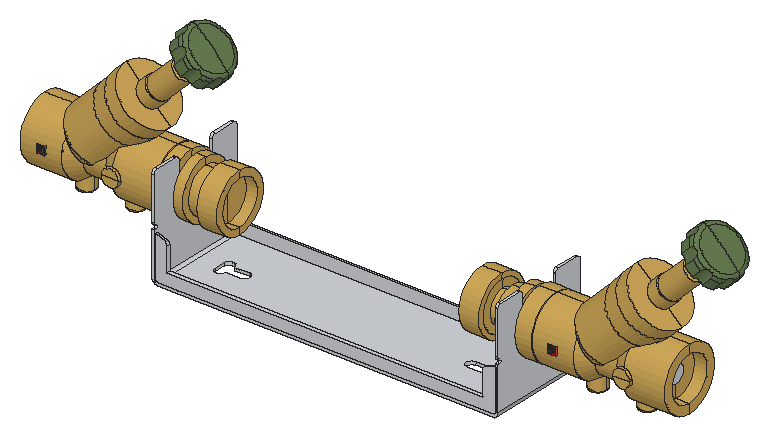
Revit family "HERZ Kit For Connection Of Water Meters 4126", category Rohrzubehör, Revit 2019
Family settings
  Bemaßung runder Anschluss = Durchmesser verwenden
  Teiletyp = Unterbricht
  OmniClass-Nummer = 23.65.55.14
  OmniClass-Titel = Valves for Liquid Services
  Arbeitsebenenbasiert = Nein
  Immer vertikal = Ja
  Beim Laden mit Abzugskörper schneiden = Nein
  Gemeinsam genutzt = Nein
Parameters
  Upper part = "DZR brass CC752S"  # constant formula
  Spring = "stainless steel 1.4310"  # constant formula
  Spindle seals = "double O-Ring"  # constant formula
  Sealing = "physiologically harmless material acc. to KTW"  # constant formula
  Operating pressure from the backflow preventer = "acc. to DIN EN 13959"  # constant formula
  W01 = 20.00°  # constant formula
  URL = "www.herzvalves.com"
  T03 [instance] = R02 - 3.000 mm  # 54.500 mm
  T02 = 17.000 mm  # constant formula
  T01 = 3.000 mm  # constant formula
  SW03 [instance] = size_lookup("4126W_", "SW3", 1.000 mm, Nennweite AG)  # 32.500 mm
  SW02 [instance] = size_lookup("4126W_", "SW2", 1.000 mm, Nennweite AG)  # 32.500 mm
  SW01 [instance] = size_lookup("4126W_", "SW1", 1.000 mm, Nennweite AG)  # 35.000 mm
  SC_NennweiteBerechnet = 0
  SC_Dimension = ""
  SCTWSEQ = "AW;SBT_TYP_AW=\"105\";2"
  SCTWCODE = "02;01;02"  # constant formula
  S05 [instance] = L02 + L12 - L03  # 214.500 mm
  S04 [instance] = L02 + L04 - L03  # 211.500 mm
  S03 = 10.000 mm  # constant formula
  S02 [instance] = Nennweite IG  # 50.000 mm
  S01 [instance] = L01 - L03  # 56.000 mm
  S = 3.000 mm  # constant formula
  R50 = 4.000 mm  # constant formula
  R02 [instance] = size_lookup("4126W_", "R2", 1.000 mm, Nennweite AG)  # 57.500 mm
  R01 [instance] = size_lookup("4126W_", "R1", 1.000 mm, Nennweite AG)  # 24.000 mm
  Part number [instance] = size_lookup("4126W_", "Artnr", 0, Nennweite AG)  # 2412666
  Note = "Pursuant to Article 33 of the REACH Regulation (EC No. 1907/2006), we are obliged to point out that the material lead is listed on the SVHC list and that all brass components manufactured in our products exceed 0.1% (w / w) lead (CAS: 7439-92-1 / EINECS: 231-100-4).\r\nSince lead is a component part of an alloy, actual exposure is not possible and therefore no additional information on safe use is necessary."
  Nennweite IG [instance] = size_lookup("4126W_", "DN1", 1.000 mm, Nennweite AG)  # 50.000 mm
  Nennweite AG [instance] = 50.000 mm
  Medium = "Water"  # constant formula
  Max. operating temperature = 80 °C  # constant formula
  Max. operating pressure = 1600000.0 Pa  # constant formula
  Max. differential pressure on closed seat = 1000000.0 Pa  # constant formula
  L99 [instance] = size_lookup("4126W_", "L99", 1.000 mm, Nennweite AG)  # 300.000 mm
  L15 = 2.000 mm  # constant formula
  L14 [instance] = size_lookup("4126W_", "L14", 1.000 mm, Nennweite AG)  # 64.000 mm
  L13 [instance] = size_lookup("4126W_", "L13", 1.000 mm, Nennweite AG)  # 54.500 mm
  L12 [instance] = size_lookup("4126W_", "L12", 1.000 mm, Nennweite AG)  # 39.500 mm
  L11 [instance] = size_lookup("4126W_", "L11", 1.000 mm, Nennweite AG)  # 70.000 mm
  L10 [instance] = size_lookup("4126W_", "L10", 1.000 mm, Nennweite AG)  # 15.000 mm
  L09 [instance] = size_lookup("4126W_", "L9", 1.000 mm, Nennweite AG)  # 25.500 mm
  L08 [instance] = size_lookup("4126W_", "L8", 1.000 mm, Nennweite AG)  # 13.400 mm
  L07 [instance] = size_lookup("4126W_", "L7", 1.000 mm, Nennweite AG)  # 22.000 mm
  L06 [instance] = size_lookup("4126W_", "L6", 1.000 mm, Nennweite AG)  # 25.000 mm
  L05 [instance] = size_lookup("4126W_", "L5", 1.000 mm, Nennweite AG)  # 35.500 mm
  L04 [instance] = size_lookup("4126W_", "L4", 1.000 mm, Nennweite AG)  # 36.500 mm
  L03 [instance] = size_lookup("4126W_", "L3", 1.000 mm, Nennweite AG)  # 21.000 mm
  L02 [instance] = (L00 / 2) + 1.000 mm  # 196.000 mm
  L01 [instance] = size_lookup("4126W_", "L1", 1.000 mm, Nennweite AG)  # 77.000 mm
  L00 [instance] = size_lookup("4126W_", "L", 1.000 mm, Nennweite AG)  # 390.000 mm
  Connections = "DZR brass CW262N"  # constant formula
  Hersteller = "HERZ Armaturen Ges.m.b.H."  # constant formula
  Hand wheel = "plastic, green"  # constant formula
  H01 [instance] = 75.000 mm  # constant formula
  H00 [instance] = 115.000 mm  # constant formula
  Occasional temperature rises = "up to 95°C, if they do not last longer than 1 h"  # constant formula
  G2 [instance] = Nennweite IG / 2  # 25.000 mm
  G1 [instance] = Nennweite AG / 2  # 25.000 mm
  DN50 [instance] = Nennweite AG = 50.000 mm  # yes
  DN40 [instance] = Nennweite AG = 40.000 mm  # no
  DN32 [instance] = Nennweite AG = 32.000 mm  # no
  DN25 [instance] = Nennweite AG = 25.000 mm  # no
  DN20 [instance] = Nennweite AG = 20.000 mm  # no
  D06 [instance] = size_lookup("4126W_", "D6", 1.000 mm, Nennweite AG)  # 21.500 mm
  D05 [instance] = size_lookup("4126W_", "D5", 1.000 mm, Nennweite AG)  # 27.000 mm
  D04 [instance] = size_lookup("4126W_", "D4", 1.000 mm, Nennweite AG)  # 18.200 mm
  D03 [instance] = size_lookup("4126W_", "D3", 1.000 mm, Nennweite AG)  # 25.000 mm
  D02 [instance] = size_lookup("4126W_", "D2", 1.000 mm, Nennweite AG)  # 25.000 mm
  D01 [instance] = size_lookup("4126W_", "D1", 1.000 mm, Nennweite AG)  # 22.500 mm
  Bracket = "galvanized sheet steel"  # constant formula
  Body = "DZR brass CC752S"  # constant formula
  Application = "The connection kit is used for mounting the water meter free of any tension or mechanical forces.\r\nThe HERZ – Kit for connection of water meters fulfills the requirements according to DIN 1988."
  ABvor [instance] = size_lookup("4126W_", "ABvor", 1.000 mm, Nennweite AG)  # 346.500 mm
  ABnach [instance] = size_lookup("4126W_", "ABnach", 1.000 mm, Nennweite AG)  # 349.500 mm
Reference planes
  plane 1 "Mitte (Vorne/hinten)": y = 0
  plane 2: z = 0
  plane 3 "Mitte (Links/rechts)": x = 0
Forms (mm)
  Extrusion 1, solid, detail levels fine
    sketch origin (0, 0, 0) x (1, 0, 0) y (0, 0, 1)
      loop
        line (195, 40) -> (192, 40) -> (192, -69)
        arc (192, -69) -> (191.121, -71.121) -> (189, -72) r 3
        line (189, -72) -> (-189, -72)
        arc (-189, -72) -> (-191.121, -71.121) -> (-192, -69) r 3
        line (-192, -69) -> (-192, 40) -> (-195, 40) -> (-195, -69)
        arc (-195, -69) -> (-193.243, -73.243) -> (-189, -75) r 6
        line (-189, -75) -> (189, -75)
        arc (189, -75) -> (193.243, -73.243) -> (195, -69) r 6
        line (195, -69) -> (195, 40)
    from -57.5 to 57.5
  Extrusion 2, solid, detail levels fine
    sketch origin (0, 0, 0) x (1, 0, 0) y (0, 0, 1)
      loop
        line (-192, -23.301) -> (-192, -69)
        arc (-192, -69) -> (-191.121, -71.121) -> (-189, -72) r 3
        line (-189, -72) -> (189, -72)
        arc (189, -72) -> (191.121, -71.121) -> (192, -69) r 3
        line (192, -69) -> (192, -23.301) -> (180.632, -27.439)
        arc (180.632, -27.439) -> (178.723, -28.904) -> (178, -31.198) r 4
        line (178, -31.198) -> (178, -58) -> (-178, -58) -> (-178, -31.198)
        arc (-178, -31.198) -> (-178.723, -28.904) -> (-180.632, -27.439) r 4
        line (-180.632, -27.439) -> (-192, -23.301)
    from -57.5 to -54.5
  Extrusion 3, void
    sketch origin (0, 0, 0) x (0, 1, 0) y (0, 0, 1)
      loop
        arc (-24, 0) -> (0, -24) -> (24, 0) r 24
        line (24, 0) -> (24, 36)
        arc (24, 36) -> (25.172, 38.828) -> (28, 40) r 4
        line (28, 40) -> (53.5, 40)
        arc (53.5, 40) -> (56.328, 38.828) -> (57.5, 36) r 4
        line (57.5, 36) -> (57.5, -13)
        arc (57.5, -13) -> (56.621, -15.121) -> (54.5, -16) r 3
        arc (54.5, -16) -> (52.5, -18) -> (54.5, -20) r 2
        line (54.5, -20) -> (65.5, -20) -> (65.5, 45) -> (-65.5, 45) -> (-65.5, -20) -> (-54.5, -20)
        arc (-54.5, -20) -> (-52.5, -18) -> (-54.5, -16) r 2
        arc (-54.5, -16) -> (-56.621, -15.121) -> (-57.5, -13) r 3
        line (-57.5, -13) -> (-57.5, 36)
        arc (-57.5, 36) -> (-56.328, 38.828) -> (-53.5, 40) r 4
        line (-53.5, 40) -> (-28, 40)
        arc (-28, 40) -> (-25.172, 38.828) -> (-24, 36) r 4
        line (-24, 36) -> (-24, 0)
    from 300 to -300
  Extrusion 4, void
    sketch origin (0, 0, 0) x (1, 0, 0) y (0, 1, 0)
      loop
        arc (119.097, 6.1) -> (112.997, 0) -> (119.097, -6.1) r 6.1
        line (119.097, -6.1) -> (158.897, -6.1)
        arc (158.897, -6.1) -> (164.997, 0) -> (158.897, 6.1) r 6.1
        line (158.897, 6.1) -> (119.097, 6.1)
      loop
        line (-165, 6.1) -> (-165, -6.1)
        arc (-165, -6.1) -> (-158.9, -12.2) -> (-152.8, -6.1) r 6.1
        line (-152.8, -6.1) -> (-136.1, -6.1)
        arc (-136.1, -6.1) -> (-130, 0) -> (-136.1, 6.1) r 6.1
        line (-136.1, 6.1) -> (-152.8, 6.1)
        arc (-152.8, 6.1) -> (-158.9, 12.2) -> (-165, 6.1) r 6.1
    from -75 to -72
  Revolve 5, solid, material "Messing, weicher Gelbton, geschweißt", detail levels fine
    sketch origin (0, 0, 0) x (1, 0, 0) y (0, 0, 1)
      loop
        line (-232.5, 0) -> (-155.5, 0) -> (-155.5, 25) -> (-180.5, 25) -> (-180.5, 32.5) -> (-191, 32.5) -> (-191, 22.5) -> (-196, 22.5) -> (-196, 35) -> (-211.5, 35) -> (-211.5, 25) -> (-232.5, 25) -> (-232.5, 0)
      axis (-232.5, 0) -> (-155.5, 0)
    angle from 0 to 360
  Revolve 6, solid, material "Messing, weicher Gelbton, geschweißt", detail levels fine
    sketch origin (0, 0, 0) x (1, 0, 0) y (0, 0, 1)
      loop
        line (-164.1, 0) -> (-155.5, 0) -> (-155.5, 25) -> (-142.1, 25) -> (-142.1, 32.5) -> (-164.1, 32.5) -> (-164.1, 0)
      axis (-164.1, 0) -> (-142.1, 0)
    angle from 0 to 360
  Revolve 7, solid, material "Messing, weicher Gelbton, geschweißt", detail levels fine
    sketch origin (0, 0, 0) x (-1, 0, 0) y (0, 0, 1)
      loop
        line (-235.5, 0) -> (-198, 0) -> (-198, 18.2) -> (-165.5, 18.2) -> (-165.5, 25) -> (-180.5, 25) -> (-180.5, 32.5) -> (-191, 32.5) -> (-191, 22.5) -> (-196, 22.5) -> (-196, 35) -> (-214.5, 35) -> (-214.5, 25) -> (-235.5, 25) -> (-235.5, 0)
      axis (-235.5, 0) -> (-165.5, 0)
    angle from 0 to 360
  Revolve 8, solid, material "Messing, weicher Gelbton, geschweißt", detail levels fine
    sketch origin (0, 0, 0) x (1, 0, 0) y (0, 0, 1)
      loop
        line (208.5, 0) -> (208.5, 18.2) -> (154, 18.2) -> (154, 27) -> (146.5, 27) -> (146.5, 21.5) -> (144.5, 21.5) -> (144.5, 0) -> (208.5, 0)
      axis (144.5, 0) -> (208.5, 0)
    angle from 0 to 360
  Revolve 9, solid, material "Messing, weicher Gelbton, geschweißt", detail levels fine
    sketch origin (-18.22, 0, 0) x (-1, 0, 0) y (0, 0, 1)
      loop
        line (-171.32, 0) -> (-162.72, 0) -> (-162.72, 25) -> (-149.32, 25) -> (-149.32, 32.5) -> (-171.32, 32.5) -> (-171.32, 0)
      axis (-171.32, 0) -> (-149.32, 0)
    angle from 0 to 360
  Extrusion 10, solid, detail levels fine
    sketch origin (0, 0, 0) x (1, 0, 0) y (0, 0, 1)
      loop
        line (-192, -23.301) -> (-192, -69)
        arc (-192, -69) -> (-191.121, -71.121) -> (-189, -72) r 3
        line (-189, -72) -> (189, -72)
        arc (189, -72) -> (191.121, -71.121) -> (192, -69) r 3
        line (192, -69) -> (192, -23.301) -> (180.632, -27.439)
        arc (180.632, -27.439) -> (178.723, -28.904) -> (178, -31.198) r 4
        line (178, -31.198) -> (178, -58) -> (-178, -58) -> (-178, -31.198)
        arc (-178, -31.198) -> (-178.723, -28.904) -> (-180.632, -27.439) r 4
        line (-180.632, -27.439) -> (-192, -23.301)
    from 54.5 to 57.5
  Extrusion 11, solid, detail levels fine
    sketch origin (55, 0, 0) x (0, 1, 0) y (0, 0, -1)
      loop
        circle (0, 0) r 10
    from 398.5 to 401.5
  Extrusion 12, solid, detail levels fine
    sketch origin (125, 0, 0) x (0, 1, 0) y (0, 0, -1)
      loop
        circle (0, 0) r 10
    from -224.5 to -221.5
Cuts and joins
  Extrusion 3, Extrusion 4 cuts Extrusion 1
Lines and regions (mm)
  model lines, detail levels coarse+medium
    curve 1: line (-211.5, 0, 0) -> (-155.5, 0, 0)
    curve 2: line (-155.5, 0, 25) -> (-155.5, 0, -25)
    curve 3: line (-155.5, 0, 25) -> (-165.5, 0, 25)
    curve 4: line (-165.5, 0, 25) -> (-155.5, 0, 0)
    curve 5: line (-155.5, 0, -25) -> (-165.5, 0, -25)
    curve 6: line (-165.5, 0, -25) -> (-155.5, 0, 0)
    curve 7: line (144.5, 0, 25) -> (144.5, 0, -25)
    curve 8: line (144.5, 0, 25) -> (154.5, 0, 25)
    curve 9: line (154.5, 0, 25) -> (144.5, 0, 0)
    curve 10: line (144.5, 0, -25) -> (154.5, 0, -25)
    curve 11: line (154.5, 0, -25) -> (144.5, 0, 0)
    curve 12: line (214.5, 0, 0) -> (144.5, 0, 0)
    curve 13: line (144.5, -25, 0) -> (144.5, 25, 0)
    curve 14: line (144.5, 25, 0) -> (154.5, 25, 0)
    curve 15: line (154.5, 25, 0) -> (144.5, 0, 0)
    curve 16: line (144.5, -25, 0) -> (154.5, -25, 0)
    curve 17: line (154.5, -25, 0) -> (144.5, 0, 0)
    curve 18: line (-155.5, -25, 0) -> (-155.5, 25, 0)
    curve 19: line (-155.5, 25, 0) -> (-165.5, 25, 0)
    curve 20: line (-165.5, 25, 0) -> (-155.5, 0, 0)
    curve 21: line (-155.5, -25, 0) -> (-165.5, -25, 0)
    curve 22: line (-165.5, -25, 0) -> (-155.5, 0, 0)
Dimensions and locks
  "H00": Extrusion 1 sketch curve to Extrusion 1 sketch curve  (x2)
  "T01": Extrusion 1 sketch curve to Extrusion 1 sketch curve  (x3)
  "L00": Extrusion 1 sketch curve to Extrusion 1 sketch curve
  equal spacing: Extrusion 1 sketch curve, plane 3 "Mitte (Links/rechts)", Extrusion 1 sketch curve
  "H01": plane 2 to Extrusion 1 sketch curve
  "T02": Extrusion 2 sketch curve to Extrusion 1
  "T02": Extrusion 1 to Extrusion 2 sketch curve  (x2)
  Extrusion 4 sketch curve to cut or joined group of Extrusion 1, Extrusion 3, Extrusion 4 = 36.103 mm
  Extrusion 4 sketch curve to Extrusion 4 sketch curve = 39.800 mm
  equal spacing: Extrusion 4 sketch curve, plane 1 "Mitte (Vorne/hinten)", Extrusion 4 sketch curve
  Extrusion 4 sketch curve to Extrusion 4 sketch curve = 12.200 mm
  cut or joined group of Extrusion 1, Extrusion 3, Extrusion 4 to Extrusion 4 sketch curve = 36.100 mm
  cut or joined group of Extrusion 1, Extrusion 3, Extrusion 4 to Extrusion 4 sketch curve = 58.900 mm
  "G1": Revolve 5 sketch curve to Revolve 5 sketch curve
  "L03": Revolve 5 sketch curve to Revolve 5 sketch curve
  "L01": Revolve 5 sketch curve to Revolve 5 sketch curve
  "L02": plane 3 "Mitte (Links/rechts)" to Revolve 5 sketch curve
  "SW01": Revolve 5 sketch curve to Revolve 5 sketch curve
  "SW02": Revolve 5 sketch curve to Revolve 5 sketch curve
  "D01": Revolve 5 sketch curve to Revolve 5 sketch curve
  "L04": Revolve 5 sketch curve to Revolve 5 sketch curve
  "L05": Revolve 5 sketch curve to Revolve 5 sketch curve
  "L06": Revolve 5 sketch curve to Revolve 5 sketch curve
  "D02": Revolve 5 sketch curve to Revolve 5 sketch curve
  "L07": Revolve 6 sketch curve to Revolve 6 sketch curve
  "SW03": Revolve 6 sketch curve to plane 2
  "G2": Revolve 6 sketch curve to plane 2
  "L08": Revolve 6 sketch curve to Revolve 5
  "L08": Revolve 6 sketch curve to Revolve 6 sketch curve
  "G1": Revolve 7 sketch curve to Revolve 7 sketch curve
  "L03": Revolve 7 sketch curve to Revolve 7 sketch curve
  "L11": Revolve 7 sketch curve to Revolve 7 sketch curve
  "SW01": Revolve 7 sketch curve to Revolve 7 sketch curve
  "SW02": Revolve 7 sketch curve to Revolve 7 sketch curve
  "D01": Revolve 7 sketch curve to Revolve 7 sketch curve
  "L12": Revolve 7 sketch curve to Revolve 7 sketch curve
  "L09": Revolve 7 sketch curve to Revolve 7 sketch curve
  "L10": Revolve 7 sketch curve to Revolve 7 sketch curve
  "D03": Revolve 7 sketch curve to Revolve 7 sketch curve
  "L02": plane 3 "Mitte (Links/rechts)" to Revolve 7 sketch curve
  "D04": Revolve 7 sketch curve to plane 2
  "D04": Revolve 8 sketch curve to Revolve 8 sketch curve
  "L13": Revolve 8 sketch curve to Revolve 8 sketch curve
  "L14": Revolve 8 sketch curve to Revolve 8 sketch curve
  "L15": Revolve 8 sketch curve to Revolve 8 sketch curve
  "D05": Revolve 8 sketch curve to Revolve 8 sketch curve
  "D06": Revolve 8 sketch curve to Revolve 8 sketch curve
  "L99": Revolve 5 to Revolve 8
  "L07": Revolve 9 sketch curve to Revolve 9 sketch curve
  "L08": Revolve 9 sketch curve to Revolve 9 sketch curve
  "L08": Revolve 8 to Revolve 9 sketch curve
  "T03": plane 1 "Mitte (Vorne/hinten)" to Extrusion 2
  "R02": cut or joined group of Extrusion 1, Extrusion 3, Extrusion 4 to plane 1 "Mitte (Vorne/hinten)" to cut or joined group of Extrusion 1, Extrusion 3, Extrusion 4
  "R02": plane 1 "Mitte (Vorne/hinten)" to Extrusion 2
  "R02": Extrusion 3 sketch curve to plane 1 "Mitte (Vorne/hinten)" to Extrusion 3 sketch curve
  "R01": Extrusion 3 sketch curve to plane 1 "Mitte (Vorne/hinten)" to Extrusion 3 sketch curve
  "T02": cut or joined group of Extrusion 1, Extrusion 3, Extrusion 4 to Extrusion 10 sketch curve  (x2)
  "T02": Extrusion 10 sketch curve to cut or joined group of Extrusion 1, Extrusion 3, Extrusion 4
  "T03": Extrusion 10 to plane 1 "Mitte (Vorne/hinten)"
  "R02": Extrusion 10 to plane 1 "Mitte (Vorne/hinten)"
  "G2": Revolve 9 sketch curve to plane 2
  "SW03": Revolve 9 sketch curve to level
  "S01": curve 1 to curve 1
  equal spacing: curve 2, plane 2, curve 2
  "S02": curve 2 to curve 2
  "S03": curve 4 to curve 2
  "S04": plane 3 "Mitte (Links/rechts)" to curve 1
  "S03": curve 6 to curve 2
  equal spacing: curve 7, plane 2, curve 7
  "S02": curve 7 to curve 7
  "S03": curve 9 to curve 7
  "S03": curve 11 to curve 7
  "S05": curve 12 to plane 3 "Mitte (Links/rechts)"
  "L99": curve 12 to curve 6
  equal spacing: curve 13, plane 1 "Mitte (Vorne/hinten)", curve 13
  "S02": curve 13 to curve 13
  "S03": curve 13 to curve 15
  "S03": curve 13 to curve 17
  equal spacing: curve 18, plane 1 "Mitte (Vorne/hinten)", curve 18
  "S02": curve 18 to curve 18
  "S03": curve 18 to curve 20
  "S03": curve 18 to curve 22
  "L99": curve 18 to Revolve 9
  "L99": Revolve 6 to curve 13
  "ABnach": Extrusion 12 to plane 3 "Mitte (Links/rechts)"
  "ABvor": plane 3 "Mitte (Links/rechts)" to Extrusion 11
  "S": Extrusion 11 to Extrusion 11
  "S": Extrusion 12 to Extrusion 12
  radius of Extrusion 4 sketch curve = 6.100 mm  (x3)
  "R50": radius of Extrusion 3 sketch curve  (x4)
  "W01": angle Extrusion 2 sketch curve to plane 2
  "W01": angle plane 2 to Extrusion 2 sketch curve
  "W01": angle Extrusion 10 sketch curve to plane 2
  "W01": angle plane 2 to Extrusion 10 sketch curve
  aligned and locked: level to plane 2
Automatic sketch dimensions
  plane 1 "Mitte (Vorne/hinten)" to Extrusion 4 sketch curve = 0.000 mm
  Extrusion 4 sketch curve to Extrusion 4 sketch curve = 0.000 mm  (x2)
  Extrusion 4 sketch curve to Extrusion 4 sketch curve = 6.100 mm
  Revolve 5 sketch curve to level = 0.000 mm  (x2)
  Revolve 5 sketch curve to Revolve 5 sketch curve = 1448.205 mm
  plane 3 "Mitte (Links/rechts)" to Revolve 5 sketch curve = 1739.472 mm
  Revolve 6 sketch curve to level = 0.000 mm  (x2)
  Revolve 6 sketch curve to Revolve 6 sketch curve = 1428.686 mm
  plane 3 "Mitte (Links/rechts)" to Revolve 6 sketch curve = 1839.148 mm
  Revolve 7 sketch curve to level = 0.000 mm  (x2)
  Revolve 7 sketch curve to Revolve 7 sketch curve = 2.000 mm
  Revolve 7 sketch curve to Revolve 7 sketch curve = 1448.205 mm
  plane 3 "Mitte (Links/rechts)" to Revolve 7 sketch curve = 1739.472 mm
  Revolve 9 sketch curve to level = 0.000 mm  (x2)
  Revolve 9 sketch curve to Revolve 9 sketch curve = 1428.686 mm
  plane 3 "Mitte (Links/rechts)" to Revolve 9 sketch curve = 1857.367 mm
  Extrusion 11 sketch curve to level = 0.000 mm
  Extrusion 11 sketch curve to plane 1 "Mitte (Vorne/hinten)" = 0.000 mm
  Extrusion 12 sketch curve to level = 0.000 mm
  Extrusion 12 sketch curve to plane 1 "Mitte (Vorne/hinten)" = 0.000 mm
  curve 12 to level = 0.000 mm
  curve 1 to level = 0.000 mm
  plane 1 "Mitte (Vorne/hinten)" to curve 15 = 0.000 mm
  plane 1 "Mitte (Vorne/hinten)" to curve 17 = 0.000 mm
  plane 1 "Mitte (Vorne/hinten)" to curve 20 = 0.000 mm
  plane 1 "Mitte (Vorne/hinten)" to curve 22 = 0.000 mm
  Extrusion 1 sketch curve to Extrusion 1 sketch curve = 0.000 mm  (x2)
  Extrusion 1 sketch curve to Extrusion 1 sketch curve = 3.000 mm  (x2)
  Extrusion 2 sketch curve to level = 27.439 mm  (x2)
  Extrusion 2 sketch curve to Extrusion 2 sketch curve = 2.632 mm  (x2)
  Extrusion 2 sketch curve to Extrusion 2 sketch curve = 4.000 mm  (x2)
  Extrusion 2 sketch curve to Extrusion 2 sketch curve = 11.000 mm  (x3)
  Extrusion 2 sketch curve to Extrusion 2 sketch curve = 11.368 mm
  Extrusion 2 sketch curve to level = 23.301 mm
  Extrusion 3 sketch curve to level = 0.000 mm
  Extrusion 3 sketch curve to Extrusion 3 sketch curve = 8.000 mm  (x2)
  Extrusion 3 sketch curve to Extrusion 3 sketch curve = 3.000 mm  (x2)
  Extrusion 3 sketch curve to level = 13.000 mm  (x2)
  Extrusion 3 sketch curve to Extrusion 3 sketch curve = 2.000 mm  (x3)
  Extrusion 3 sketch curve to Extrusion 3 sketch curve = 7.000 mm
  level to Extrusion 3 sketch curve = 36.000 mm  (x2)
  Extrusion 3 sketch curve to Extrusion 3 sketch curve = 9.000 mm
  Revolve 8 sketch curve to level = 0.000 mm  (x2)
  plane 3 "Mitte (Links/rechts)" to Revolve 8 sketch curve = 144.500 mm
  Revolve 8 sketch curve to plane 3 "Mitte (Links/rechts)" = 1506.530 mm
  Revolve 8 sketch curve to Revolve 8 sketch curve = 1759.148 mm
  Extrusion 10 sketch curve to level = 27.439 mm  (x2)
  Extrusion 10 sketch curve to Extrusion 10 sketch curve = 2.632 mm  (x2)
  Extrusion 10 sketch curve to Extrusion 10 sketch curve = 1.368 mm
  Extrusion 10 sketch curve to Extrusion 10 sketch curve = 11.000 mm  (x3)
  Extrusion 10 sketch curve to level = 23.301 mm
  Extrusion 10 sketch curve to Extrusion 10 sketch curve = 4.000 mm
  Extrusion 10 sketch curve to Extrusion 10 sketch curve = 11.368 mm
  radius of Extrusion 11 sketch curve = 10.000 mm
  radius of Extrusion 12 sketch curve = 10.000 mm
Nested families
  nested 1: "Rückflussverhinderer 4126" at (-182.5, 0, 0), visible <- "DN20", type "Rückflussverhinderer 4126"
    with S02 95.900 mm, S01 32.000 mm, R12 15.000 mm, R11 5.400 mm, R10 8.500 mm, R09 11.750 mm, R08 13.000 mm, R07 16.500 mm, R06 14.600 mm, R05 10.000 mm, R04 9.500 mm, R02 10.000 mm, R01 16.000 mm, Nennweite 20.000 mm, L16 12.000 mm, L15 12.400 mm, L14 8.000 mm, L12 33.500 mm, L11 12.500 mm, L10 11.000 mm, L09 15.500 mm, L08 30.100 mm, L07 13.500 mm, L06 34.500 mm, L05 26.500 mm, L04 25.500 mm, L02 8.000 mm, L01 24.000 mm, L00 75.000 mm, H01 26.400 mm, DN50 no, DN40 no, DN32 no, DN25-DN50 no, DN25 no, DN20 yes, DN15 no, Bestellnummer 2412602
  nested 2: "Rückflussverhinderer 4126" at (183.5, 0, 0), visible <- "DN20", type "Rückflussverhinderer 4126"
    with S02 95.900 mm, S01 32.000 mm, R12 15.000 mm, R11 5.400 mm, R10 8.500 mm, R09 11.750 mm, R08 13.000 mm, R07 16.500 mm, R06 14.600 mm, R05 10.000 mm, R04 9.500 mm, R02 10.000 mm, R01 16.000 mm, Nennweite 20.000 mm, L16 12.000 mm, L15 12.400 mm, L14 8.000 mm, L12 33.500 mm, L11 12.500 mm, L10 11.000 mm, L09 15.500 mm, L08 30.100 mm, L07 13.500 mm, L06 34.500 mm, L05 26.500 mm, L04 25.500 mm, L02 8.000 mm, L01 24.000 mm, L00 75.000 mm, H01 26.400 mm, DN50 no, DN40 no, DN32 no, DN25-DN50 no, DN25 no, DN20 yes, DN15 no, Bestellnummer 2412602
  nested 3: "Rückflussverhinderer 4126" at (-190, 0, 0), visible <- "DN25", type "Rückflussverhinderer 4126"
    with S02 113.800 mm, S01 41.000 mm, R12 19.500 mm, R11 6.000 mm, R10 9.000 mm, R09 12.750 mm, R08 14.000 mm, R07 20.000 mm, R06 17.750 mm, R05 12.500 mm, R04 9.500 mm, R02 12.500 mm, R01 20.500 mm, Nennweite 25.000 mm, L16 13.500 mm, L15 12.400 mm, L14 12.000 mm, L12 43.400 mm, L11 22.400 mm, L10 11.000 mm, L09 19.500 mm, L08 34.000 mm, L07 18.000 mm, L06 38.500 mm, L05 25.500 mm, L04 25.500 mm, L02 11.000 mm, L01 27.000 mm, L00 90.000 mm, H01 32.000 mm, DN50 no, DN40 no, DN32 no, DN25-DN50 yes, DN25 yes, DN20 no, DN15 no, Bestellnummer 2412603
  nested 4: "Rückflussverhinderer 4126" at (191, 0, 0), visible <- "DN25", type "Rückflussverhinderer 4126"
    with S02 113.800 mm, S01 41.000 mm, R12 19.500 mm, R11 6.000 mm, R10 9.000 mm, R09 12.750 mm, R08 14.000 mm, R07 20.000 mm, R06 17.750 mm, R05 12.500 mm, R04 9.500 mm, R02 12.500 mm, R01 20.500 mm, Nennweite 25.000 mm, L16 13.500 mm, L15 12.400 mm, L14 12.000 mm, L12 43.400 mm, L11 22.400 mm, L10 11.000 mm, L09 19.500 mm, L08 34.000 mm, L07 18.000 mm, L06 38.500 mm, L05 25.500 mm, L04 25.500 mm, L02 11.000 mm, L01 27.000 mm, L00 90.000 mm, H01 32.000 mm, DN50 no, DN40 no, DN32 no, DN25-DN50 yes, DN25 yes, DN20 no, DN15 no, Bestellnummer 2412603
  nested 5: "Rückflussverhinderer 4126" at (-200, 0, 0), visible <- "DN32", type "Rückflussverhinderer 4126"
    with S02 129.700 mm, S01 50.000 mm, R12 24.000 mm, R11 6.000 mm, R10 9.000 mm, R09 12.750 mm, R08 14.000 mm, R07 25.000 mm, R06 24.000 mm, R05 16.000 mm, R04 9.500 mm, R02 16.000 mm, R01 25.000 mm, Nennweite 32.000 mm, L16 16.500 mm, L15 12.400 mm, L14 12.000 mm, L12 47.300 mm, L11 26.300 mm, L10 11.000 mm, L09 10.000 mm, L08 52.700 mm, L07 20.000 mm, L06 60.000 mm, L05 28.600 mm, L04 27.500 mm, L02 7.500 mm, L01 33.000 mm, L00 110.000 mm, H01 39.000 mm, DN50 no, DN40 no, DN32 yes, DN25-DN50 yes, DN25 no, DN20 no, DN15 no, Bestellnummer 2412604
  nested 6: "Rückflussverhinderer 4126" at (201, 0, 0), visible <- "DN32", type "Rückflussverhinderer 4126"
    with S02 129.700 mm, S01 50.000 mm, R12 24.000 mm, R11 6.000 mm, R10 9.000 mm, R09 12.750 mm, R08 14.000 mm, R07 25.000 mm, R06 24.000 mm, R05 16.000 mm, R04 9.500 mm, R02 16.000 mm, R01 25.000 mm, Nennweite 32.000 mm, L16 16.500 mm, L15 12.400 mm, L14 12.000 mm, L12 47.300 mm, L11 26.300 mm, L10 11.000 mm, L09 10.000 mm, L08 52.700 mm, L07 20.000 mm, L06 60.000 mm, L05 28.600 mm, L04 27.500 mm, L02 7.500 mm, L01 33.000 mm, L00 110.000 mm, H01 39.000 mm, DN50 no, DN40 no, DN32 yes, DN25-DN50 yes, DN25 no, DN20 no, DN15 no, Bestellnummer 2412604
  nested 7: "Rückflussverhinderer 4126" at (-274.5, 0, 0), visible <- "DN40", type "Rückflussverhinderer 4126"
    with S02 143.400 mm, S01 55.000 mm, R12 26.500 mm, R11 6.000 mm, R10 9.000 mm, R09 12.750 mm, R08 14.000 mm, R07 28.500 mm, R06 27.000 mm, R05 20.000 mm, R04 9.500 mm, R02 20.000 mm, R01 27.500 mm, Nennweite 40.000 mm, L16 19.000 mm, L15 12.400 mm, L14 14.000 mm, L12 50.000 mm, L11 28.000 mm, L10 12.000 mm, L09 15.000 mm, L08 51.500 mm, L07 21.000 mm, L06 66.000 mm, L05 32.000 mm, L04 31.000 mm, L02 9.000 mm, L01 38.000 mm, L00 120.000 mm, H01 40.000 mm, DN50 no, DN40 yes, DN32 no, DN25-DN50 yes, DN25 no, DN20 no, DN15 no, Bestellnummer 2412605
  nested 8: "Rückflussverhinderer 4126" at (274.5, 0, 0), visible <- "DN40", type "Rückflussverhinderer 4126"
    with S02 143.400 mm, S01 55.000 mm, R12 26.500 mm, R11 6.000 mm, R10 9.000 mm, R09 12.750 mm, R08 14.000 mm, R07 28.500 mm, R06 27.000 mm, R05 20.000 mm, R04 9.500 mm, R02 20.000 mm, R01 27.500 mm, Nennweite 40.000 mm, L16 19.000 mm, L15 12.400 mm, L14 14.000 mm, L12 50.000 mm, L11 28.000 mm, L10 12.000 mm, L09 15.000 mm, L08 51.500 mm, L07 21.000 mm, L06 66.000 mm, L05 32.000 mm, L04 31.000 mm, L02 9.000 mm, L01 38.000 mm, L00 120.000 mm, H01 40.000 mm, DN50 no, DN40 yes, DN32 no, DN25-DN50 yes, DN25 no, DN20 no, DN15 no, Bestellnummer 2412605
  nested 9: "Rückflussverhinderer 4126" at (-286.5, 0, 0), visible <- "DN50", type "Rückflussverhinderer 4126"
    with S02 182.900 mm, S01 70.000 mm, R12 34.000 mm, R11 6.000 mm, R10 9.000 mm, R09 13.000 mm, R08 14.000 mm, R07 35.000 mm, R06 33.500 mm, R05 25.000 mm, R04 9.500 mm, R02 25.000 mm, R01 35.000 mm, Nennweite 50.000 mm, L16 23.500 mm, L15 12.400 mm, L14 19.000 mm, L12 66.500 mm, L11 41.000 mm, L10 15.500 mm, L09 17.500 mm, L08 66.000 mm, L07 31.500 mm, L06 86.500 mm, L05 36.500 mm, L04 37.500 mm, L02 13.000 mm, L01 47.000 mm, L00 150.000 mm, H01 45.000 mm, DN50 yes, DN40 no, DN32 no, DN25-DN50 yes, DN25 no, DN20 no, DN15 no, Bestellnummer 2412606
  nested 10: "Rückflussverhinderer 4126" at (289.5, 0, 0), visible <- "DN50", type "Rückflussverhinderer 4126"
    with S02 182.900 mm, S01 70.000 mm, R12 34.000 mm, R11 6.000 mm, R10 9.000 mm, R09 13.000 mm, R08 14.000 mm, R07 35.000 mm, R06 33.500 mm, R05 25.000 mm, R04 9.500 mm, R02 25.000 mm, R01 35.000 mm, Nennweite 50.000 mm, L16 23.500 mm, L15 12.400 mm, L14 19.000 mm, L12 66.500 mm, L11 41.000 mm, L10 15.500 mm, L09 17.500 mm, L08 66.000 mm, L07 31.500 mm, L06 86.500 mm, L05 36.500 mm, L04 37.500 mm, L02 13.000 mm, L01 47.000 mm, L00 150.000 mm, H01 45.000 mm, DN50 yes, DN40 no, DN32 no, DN25-DN50 yes, DN25 no, DN20 no, DN15 no, Bestellnummer 2412606
Connectors
  piping at (-346.5, 0, 0), diameter 50, driven by "Nennweite AG"
    settings: on Extrusion 11, index 1, connector inside diameter 609.6 mm, connector length 0.000 mm, flow factor 0, pipe flow 0.0 L/s, pressure drop 0.0 Pa, fitting loss kfactor 0, connector angle 0.00°, fixture units 0, engagement length 0.000 mm, angle of deflection 0.00°, flow configuration 0, flow direction 1, fitting loss method 0, system type 20, joint type 0, gender type 0, connector reference index -1, connector utility 0, adjustable connector no, is connector primary yes, connector description ""
  piping at (349.5, 0, 0), diameter 50, driven by "Nennweite AG"
    settings: on Extrusion 12, index 2, connector inside diameter 609.6 mm, connector length 0.000 mm, flow factor 0, pipe flow 0.0 L/s, pressure drop 0.0 Pa, fitting loss kfactor 0, connector angle 0.00°, fixture units 0, engagement length 0.000 mm, angle of deflection 0.00°, flow configuration 0, flow direction 2, fitting loss method 0, system type 20, joint type 0, gender type 0, connector reference index -1, connector utility 0, adjustable connector no, is connector primary no, connector description ""
Definition of nested family "Rückflussverhinderer 4126"
  Parameters (values of type "Rückflussverhinderer 4126")
    W01 = 45.00°  # constant formula
    URL = "www.herz-armaturen.at"
    Spindel = "geschmiedetes Messing CW617N"  # constant formula
    SW01 = 60.00°  # constant formula
    SC_NennweiteBerechnet = 0
    SC_Dimension = ""
    SCTWSEQ = "FW;SBT_TYP_FW=\"109\";2"
    SCTWCODE = "04;00;02"  # constant formula
    S03 = 60.000 mm  # constant formula
    S02 [instance] = L06 + L09 + L12 + L15  # 95.900 mm
    S01 [instance] = R01 * 2  # 32.000 mm
    R12 [instance] = R01 - 1.000 mm  # 15.000 mm
    R11 [instance] = size_lookup("4126_", "R11", 46.500 mm, Nennweite)  # 5.400 mm
    R100 = 1.000 mm  # constant formula
    R10 [instance] = size_lookup("4126_", "R10", 46.500 mm, Nennweite)  # 8.500 mm
    R09 [instance] = size_lookup("4126_", "R9", 46.500 mm, Nennweite)  # 11.750 mm
    R08 [instance] = size_lookup("4126_", "R8", 46.500 mm, Nennweite)  # 13.000 mm
    R07 [instance] = size_lookup("4126_", "R7", 46.500 mm, Nennweite)  # 16.500 mm
    R06 [instance] = size_lookup("4126_", "R6", 43.000 mm, Nennweite)  # 14.600 mm
    R05 [instance] = Nennweite / 2  # 10.000 mm
    R04 [instance] = size_lookup("4126_", "R4", 11.500 mm, Nennweite)  # 9.500 mm
    R03 = 9.500 mm  # constant formula
    R02 [instance] = Nennweite / 2  # 10.000 mm
    R01 [instance] = size_lookup("4126_", "R1", 11.500 mm, Nennweite)  # 16.000 mm
    Nennweite [instance] = 20.000 mm
    Max.Betriebstemperatur = 80 °C  # constant formula
    Max.Betriebsdruck = 1600000.0 Pa  # constant formula
    L16 [instance] = L01 / 2  # 12.000 mm
    L15 [instance] = size_lookup("4126_", "L15", 12.400 mm, Nennweite)  # 12.400 mm
    L14 [instance] = size_lookup("4126_", "L14", 81.000 mm, Nennweite)  # 8.000 mm
    L12 [instance] = size_lookup("4126_", "L12", 81.000 mm, Nennweite)  # 33.500 mm
    L11 [instance] = size_lookup("4126_", "L11", 60.000 mm, Nennweite)  # 12.500 mm
    L10 [instance] = size_lookup("4126_", "L10", 20.000 mm, Nennweite)  # 11.000 mm
    L09 [instance] = size_lookup("4126_", "L9", 11.000 mm, Nennweite)  # 15.500 mm
    L08 [instance] = size_lookup("4126_", "L8", 35.000 mm, Nennweite)  # 30.100 mm
    L07 [instance] = size_lookup("4126_", "L7", 35.000 mm, Nennweite)  # 13.500 mm
    L06 [instance] = size_lookup("4126_", "L6", 118.000 mm, Nennweite) - L09  # 34.500 mm
    L05 [instance] = size_lookup("4126_", "L5", 44.000 mm, Nennweite)  # 26.500 mm
    L04 [instance] = size_lookup("4126_", "L4", 45.000 mm, Nennweite)  # 25.500 mm
    L03 = 15.000 mm  # constant formula
    L02 [instance] = size_lookup("4126_", "L2", 22.000 mm, Nennweite)  # 8.000 mm
    L01 [instance] = size_lookup("4126_", "L1", 48.000 mm, Nennweite)  # 24.000 mm
    L00 [instance] = size_lookup("4126_", "L", 180.000 mm, Nennweite)  # 75.000 mm
    Kegel = "geschmiedetes Messing CW617N"  # constant formula
    Manufacturer = "Herz-Armaturen GmbH"  # constant formula
    Handrad = "Kunststoff, grün"  # constant formula
    H01 [instance] = size_lookup("4126_", "H1", 53.000 mm, Nennweite)  # 26.400 mm
    Gehäuse = "entzinkungsbeständiges Gussmessing CC770S"  # constant formula
    DN50 [instance] = Nennweite = 50.000 mm  # no
    DN40 [instance] = Nennweite = 40.000 mm  # no
    DN32 [instance] = Nennweite = 32.000 mm  # no
    DN25-DN50 [instance] = or(Nennweite = 25.000 mm, Nennweite = 32.000 mm, Nennweite = 40.000 mm, Nennweite = 50.000 mm)  # no
    DN25 [instance] = Nennweite = 25.000 mm  # no
    DN20 [instance] = Nennweite = 20.000 mm  # yes
    DN15 [instance] = Nennweite = 15.000 mm  # no
    Bestellnummer [instance] = size_lookup("4126_", "Artnr", 0, Nennweite)  # 2412602
    Anwendungsgebiet = "Zum Absperren von Trinkwasserleitungen und -anlagen in Gebäuden\r\nMax. Betreibstemp.: 80°C (gelegentlicher Temperaturansteig bis 95°C sind zulässig, wenn sie nicht länger als 1h andauern)\r\nMax. Betiebsdruck: 10bar"
  Reference planes
    plane 1 "Mitte (Vorne/hinten)": y = 0
    plane 2: z = 0
    plane 3 "Mitte (Links/rechts)": x = 0
  Forms (mm)
    Revolve 1, solid, detail levels fine
      sketch origin (470, 0, 0) x (1, 0, 0) y (0, 0, 1)
        loop
          line (-507.5, 10) -> (-492.5, 10) -> (-492.5, 0) -> (-447.5, 0) -> (-447.5, 10) -> (-432.5, 10) -> (-432.5, 16) -> (-456.5, 16) -> (-462, 10) -> (-478, 10) -> (-483.5, 16) -> (-507.5, 16) -> (-507.5, 10)
        axis (-507.5, 0) -> (-432.5, 0)
      angle from 0 to 360
    Revolve 2, solid, detail levels fine
      sketch origin (470, 0, 0) x (1, 0, 0) y (0, 0, 1)
        loop
          line (-493, 0) -> (-493, -25.4)
          arc (-493, -25.4) -> (-492.707, -26.107) -> (-492, -26.4) r 1
          line (-492, -26.4) -> (-483.5, -26.4) -> (-483.5, 0) -> (-493, 0)
        axis (-483.5, 0) -> (-483.5, -26.4)
      angle from 0 to 360
    Revolve 3, solid, detail levels fine
      sketch origin (0, 0, 0) x (1, 0, 0) y (0, 1, 0)
        loop
          line (13.5, -25.5) -> (23, -25.5) -> (23, 26.5) -> (13.5, 26.5) -> (13.5, -25.5)
        axis (13.5, -25.5) -> (13.5, 26.5)
      angle from 0 to 360
    Revolve 4, solid, visible <- "DN25-DN50", detail levels fine
      sketch origin (-470, 0, 0) x (-1, 0, 0) y (0, 0, 1)
        loop
          line (-493, 0) -> (-493, -25.4)
          arc (-493, -25.4) -> (-492.707, -26.107) -> (-492, -26.4) r 1
          line (-492, -26.4) -> (-483.5, -26.4) -> (-483.5, 0) -> (-493, 0)
        axis (-483.5, 0) -> (-483.5, -26.4)
      angle from 0 to 360
    Revolve 5, solid, detail levels fine
      sketch origin (0.32, 0, -0.105) x (1, 0, 0) y (0, 0, 1)
        loop
          line (-13.82, 0) -> (53.991, 67.812) -> (50.173, 71.63) -> (41.405, 62.862) -> (39.213, 65.054) -> (32.142, 57.983) -> (29.844, 60.281) -> (21.005, 51.442) -> (20.121, 52.326) -> (12.343, 44.548) -> (9.868, 47.023) -> (-1.092, 36.062) -> (-2.86, 31.608) -> (-18.487, 15.981) -> (-20.891, 7.071) -> (-13.82, 0)
        axis (-13.82, 0) -> (53.991, 67.812)
      angle from 0 to 360
  Lines and regions (mm)
    model lines, detail levels coarse+medium
      curve 1: line (-37.5, 0, 16) -> (-37.5, 0, -16)
      curve 2: line (-37.5, 0, -16) -> (37.5, 0, 16)
      curve 3: line (37.5, 0, 16) -> (37.5, 0, -16)
      curve 4: line (37.5, 0, -16) -> (-37.5, 0, 16)
      curve 5: line (0, 0, 0) -> (47.95, 0, 83.052)
      curve 6: line (21.969, 0, 98.052) -> (73.931, 0, 68.052)
      curve 7: line (-37.5, -16, 0) -> (-37.5, 16, 0)
      curve 8: line (-37.5, 16, 0) -> (37.5, -16, 0)
      curve 9: line (37.5, -16, 0) -> (37.5, 16, 0)
      curve 10: line (37.5, 16, 0) -> (-37.5, -16, 0)
      curve 11: line (0, 0, 0) -> (47.95, 83.052, 0)
      curve 12: line (21.969, 98.052, 0) -> (73.931, 68.052, 0)
  Dimensions and locks
    "H01": plane 2 to Revolve 2 sketch curve
    "L00": Revolve 1 sketch curve to Revolve 1 sketch curve
    equal spacing: Revolve 1 sketch curve, plane 3 "Mitte (Links/rechts)", Revolve 1 sketch curve
    "R01": Revolve 1 sketch curve to Revolve 1 sketch curve  (x2)
    "R02": Revolve 1 sketch curve to Revolve 1 sketch curve  (x3)
    "L01": Revolve 1 sketch curve to Revolve 1 sketch curve  (x2)
    "L02": plane 3 "Mitte (Links/rechts)" to Revolve 1 sketch curve
    "L02": Revolve 1 sketch curve to plane 3 "Mitte (Links/rechts)"
    "L03": Revolve 1 sketch curve to Revolve 1 sketch curve  (x2)
    "L01": Revolve 1 to Revolve 2 sketch curve
    "R03": Revolve 2 sketch curve to Revolve 2 sketch curve
    "L01": Revolve 4 sketch curve to Revolve 1
    "R03": Revolve 4 sketch curve to Revolve 4 sketch curve
    "H01": plane 2 to Revolve 4 sketch curve
    "L04": Revolve 3 sketch curve to plane 1 "Mitte (Vorne/hinten)"
    "L05": plane 1 "Mitte (Vorne/hinten)" to Revolve 3 sketch curve
    "R04": Revolve 3 sketch curve to Revolve 3 sketch curve
    "L01": Revolve 3 sketch curve to Revolve 1
    "R07": Revolve 5 sketch curve to Revolve 5 sketch curve
    "L07": plane 3 "Mitte (Links/rechts)" to Revolve 5 sketch curve
    "R05": Revolve 5 sketch curve to Revolve 5 sketch curve
    "L06": Revolve 5 sketch curve to Revolve 5 sketch curve
    "L08": Revolve 5 sketch curve to Revolve 5 sketch curve
    "R06": Revolve 5 sketch curve to Revolve 5 sketch curve
    "L14": Revolve 5 sketch curve to Revolve 5 sketch curve
    "L09": Revolve 5 sketch curve to Revolve 5 sketch curve
    "R08": Revolve 5 sketch curve to Revolve 5 sketch curve
    "L10": Revolve 5 sketch curve to Revolve 5 sketch curve
    "R09": Revolve 5 sketch curve to Revolve 5 sketch curve
    "R10": Revolve 5 sketch curve to Revolve 5 sketch curve
    "L12": Revolve 5 sketch curve to Revolve 5 sketch curve
    "R11": Revolve 5 sketch curve to Revolve 5 sketch curve
    "L15": Revolve 5 sketch curve to Revolve 5 sketch curve
    "L11": Revolve 5 sketch curve to Revolve 5 sketch curve
    "R12": nested 7 to plane 1 "Mitte (Vorne/hinten)"
    "L16": Revolve 1 to nested 7
    "L00": curve 1 to curve 3
    "S01": curve 4 to curve 2
    "S01": curve 3 to curve 4
    equal spacing: curve 4, plane 2, curve 2
    equal spacing: curve 3, plane 2, curve 4
    "S02": curve 5 to curve 5
    equal spacing: curve 6, curve 5, curve 6
    "S03": curve 6 to curve 6
    "L00": curve 7 to curve 9
    "S01": curve 10 to curve 8
    curve 9 to curve 10 = 32.000 mm
    equal spacing: curve 12, curve 11, curve 12
    "S03": curve 12 to curve 12
    "S02": curve 11 to curve 11
    equal spacing: curve 10, plane 1 "Mitte (Vorne/hinten)", curve 8
    equal spacing: curve 9, plane 1 "Mitte (Vorne/hinten)", curve 10
    equal spacing: curve 7, plane 3 "Mitte (Links/rechts)", curve 9
    equal spacing: Revolve 1, curve 5, Revolve 1
    equal spacing: curve 7, curve 11, Revolve 1
    equal spacing: curve 1, plane 3 "Mitte (Links/rechts)", curve 3
    "R100": radius of Revolve 2 sketch curve
    "R100": radius of Revolve 4 sketch curve
    "W01": angle plane 2 to Revolve 5 sketch curve
    "W01": angle level to Revolve 5 sketch curve
    "SW01": angle plane 2 to curve 5
    "SW01": angle plane 1 "Mitte (Vorne/hinten)" to curve 11
    aligned and locked: level to plane 2
  Automatic sketch dimensions
    curve 5 to level = 0.000 mm
    plane 1 "Mitte (Vorne/hinten)" to curve 11 = 0.000 mm
    Revolve 1 sketch curve to level = 0.000 mm  (x2)
    Revolve 1 sketch curve to Revolve 1 sketch curve = 791.990 mm
    Revolve 1 sketch curve to Revolve 1 sketch curve = 2278.983 mm
    Revolve 2 sketch curve to level = 0.000 mm  (x2)
    Revolve 2 sketch curve to Revolve 2 sketch curve = 0.000 mm
    Revolve 2 sketch curve to Revolve 2 sketch curve = 0.292 mm
    Revolve 3 sketch curve to Revolve 3 sketch curve = 0.000 mm  (x3)
    Revolve 4 sketch curve to level = 0.000 mm  (x2)
    Revolve 4 sketch curve to Revolve 4 sketch curve = 0.000 mm
    Revolve 4 sketch curve to Revolve 4 sketch curve = 0.292 mm
    Revolve 5 sketch curve to level = 0.105 mm
    Revolve 5 sketch curve to Revolve 5 sketch curve = 0.000 mm  (x2)
  Nested families
    nested 1: "Strömax-Handrad_Schrägsitz (Grün)" at (42.584, 0, 54.979), visible <- "DN15", type "Strömax-Handrad_Schrägsitz (Grün)", detail levels fine
      with Nennweite 0.000 mm, Gewicht 0.00 kg, Bestellnummer 0
    nested 2: "Strömax-Handrad_Schrägsitz (Grün)" at (54.312, 0, 67.707), visible <- "DN20", type "Strömax-Handrad_Schrägsitz (Grün)", detail levels fine
      with Nennweite 0.000 mm, Gewicht 0.00 kg, Bestellnummer 0
    nested 3: "Strömax-Handrad_Schrägsitz (Grün)" at (62.469, 0, 80.364), visible <- "DN25", type "Strömax-Handrad_Schrägsitz (Grün)", detail levels fine
      with Nennweite 0.000 mm, Gewicht 0.00 kg, Bestellnummer 0
    nested 4: "Strömax-Handrad_Schrägsitz (Grün)" at (71.712, 0, 91.607), visible <- "DN32", type "Strömax-Handrad_Schrägsitz (Grün)", detail levels fine
      with Nennweite 0.000 mm, Gewicht 0.00 kg, Bestellnummer 0
    nested 5: "Strömax-Handrad_Schrägsitz (Grün)" at (80.399, 0, 101.294), visible <- "DN40", type "Strömax-Handrad_Schrägsitz (Grün)", detail levels fine
      with Nennweite 0.000 mm, Gewicht 0.00 kg, Bestellnummer 0
    nested 6: "Strömax-Handrad_Schrägsitz (Grün)" at (97.83, 0, 129.225), visible <- "DN50", type "Strömax-Handrad_Schrägsitz (Grün)", detail levels fine
      with Nennweite 0.000 mm, Gewicht 0.00 kg, Bestellnummer 0
    nested 7: "Herz-Logo-vorne" at (-25.5, -15.732, 0) x (0, 1, 0) z (0, 0, 1), type "Herz-Logo-vorne", detail levels fine
  Connectors
    piping at (-22.5, 0, 0), diameter 20, driven by "Nennweite"
      settings: on Revolve 1, index 1, connector inside diameter 609.6 mm, connector length 0.000 mm, flow factor 0, pipe flow 0.0 L/s, pressure drop 0.0 Pa, fitting loss kfactor 0, connector angle 0.00°, fixture units 0, engagement length 0.000 mm, angle of deflection 0.00°, flow configuration 0, flow direction 1, fitting loss method 0, system type 29, joint type 0, gender type 0, connector reference index -1, connector utility 0, adjustable connector no, is connector primary yes, connector description ""
    piping at (22.5, 0, 0), diameter 20, driven by "Nennweite"
      settings: on Revolve 1, index 2, connector inside diameter 609.6 mm, connector length 0.000 mm, flow factor 0, pipe flow 0.0 L/s, pressure drop 0.0 Pa, fitting loss kfactor 0, connector angle 0.00°, fixture units 0, engagement length 0.000 mm, angle of deflection 0.00°, flow configuration 0, flow direction 2, fitting loss method 0, system type 29, joint type 0, gender type 0, connector reference index -1, connector utility 0, adjustable connector no, is connector primary no, connector description ""
  Definition of nested family "Strömax-Handrad_Schrägsitz (Grün)"
    Parameters (values of type "Strömax-Handrad_Schrägsitz (Grün)")
      URL = "www.herz-armaturen.at"
      Nennweite [instance] = 0.000 mm
      Manufacturer = "Herz Armaturen GmbH"  # constant formula
      Gewicht [instance] = 0.00 kg
      Bestellnummer [instance] = 0
    Reference planes
      plane 1 "Mitte (Vorne/hinten)": y = 0
      plane 2: z = 0
      plane 3 "Mitte (Links/rechts)": x = 0
    Forms (mm)
      Revolve 1, solid
        sketch origin (0, 0, 0) x (0.707107, 0, -0.707107) y (0.707107, 0, 0.707107)
          loop
            line (0, 0) -> (0, 22)
            arc (0, 22) -> (-12.15, 21.705) -> (-24.271, 20.819) r 250
            arc (-24.271, 20.819) -> (-26.831, 19.959) -> (-28.754, 18.063) r 6
            arc (-28.754, 18.063) -> (-29.682, 16.008) -> (-30, 13.776) r 8
            line (-30, 13.776) -> (-30, 0) -> (0, 0)
          axis (0, 22) -> (0, 0)
        angle from 0 to 360
      Extrusion 2, void
        sketch origin (0, 0, 0) x (0.707107, 0, -0.707107) y (0, 1, 0)
          loop
            circle (14.351, -34.645) r 10
        from 0 to 22
      Extrusion 3, void
        sketch origin (0, 0, 0) x (-0.707107, 0, 0.707107) y (0, -1, 0)
          loop
            circle (14.351, 34.645) r 10
        from 0 to 22
      Extrusion 4, void
        sketch origin (0, 0, 0) x (0, -1, 0) y (0.707107, 0, -0.707107)
          loop
            circle (14.351, 34.645) r 10
        from 0 to 22
      Extrusion 5, void
        sketch origin (0, 0, 0) x (0, 1, 0) y (-0.707107, 0, 0.707107)
          loop
            circle (14.351, -34.645) r 10
        from 0 to 22
      Extrusion 6, void
        sketch origin (0, 0, 0) x (0, -1, 0) y (0.707107, 0, -0.707107)
          loop
            circle (14.351, -34.645) r 10
        from 0 to 22
      Extrusion 7, void
        sketch origin (0, 0, 0) x (0, 1, 0) y (-0.707107, 0, 0.707107)
          loop
            circle (14.351, 34.645) r 10
        from 0 to 22
      Extrusion 8, void
        sketch origin (0, 0, 0) x (0.707107, 0, -0.707107) y (0, 1, 0)
          loop
            circle (14.351, 34.645) r 10
        from 0 to 22
      Extrusion 9, void
        sketch origin (0, 0, 0) x (-0.707107, 0, 0.707107) y (0, -1, 0)
          loop
            circle (14.351, -34.645) r 10
        from 0 to 22
    Cuts and joins
      Extrusion 2, Extrusion 3, Extrusion 4, Extrusion 5, Extrusion 6, Extrusion 7, Extrusion 8, Extrusion 9 cuts Revolve 1
    Dimensions and locks
      aligned and locked: level to plane 2
  Definition of nested family "Herz-Logo-vorne"
    Reference planes
      plane 1 "Mitte (Vorne/hinten)": y = 0
      plane 2: z = 0
      plane 3 "Mitte (Links/rechts)": x = 0
    Forms (mm)
      Extrusion 1, solid
        sketch origin (0.732, -0.018, 0.017) x (0, -1, 0) y (0, 0, 1)
          loop
            line (-0.018, -4.517) -> (4.482, -4.517) -> (4.482, 4.483) -> (-4.518, 4.483) -> (-4.518, -4.517) -> (-0.018, -4.517)
          loop
            line (-0.05, -3.48) -> (3.482, -3.48) -> (3.482, 3.483) -> (-3.518, 3.483) -> (-3.518, -3.48) -> (-0.05, -3.48)
          loop
            arc (-0.018, 2.383) -> (-1.543, 3.287) -> (-3.067, 2.383) r 1.738
            arc (-3.067, 2.383) -> (-3.191, 1.899) -> (-3.067, 1.415) r 1.009
            line (-3.067, 1.415) -> (-0.018, -3.281) -> (3.032, 1.415)
            arc (3.032, 1.415) -> (3.156, 1.899) -> (3.032, 2.383) r 1.009
            arc (3.032, 2.383) -> (1.507, 3.287) -> (-0.018, 2.383) r 1.738
          loop
            arc (1.885, 1.272) -> (2.005, 1.675) -> (1.885, 2.079) r 0.74
            arc (1.885, 2.079) -> (1.265, 2.416) -> (0.644, 2.079) r 0.74
            line (0.644, 2.079) -> (-0.018, 0.97) -> (-0.679, 2.079)
            arc (-0.679, 2.079) -> (-1.3, 2.416) -> (-1.921, 2.079) r 0.74
            arc (-1.921, 2.079) -> (-2.04, 1.675) -> (-1.921, 1.272) r 0.74
            line (-1.921, 1.272) -> (-0.018, -1.658) -> (1.885, 1.272)
        from 0 to 1.5
    Dimensions and locks
      aligned and locked: level to plane 2
